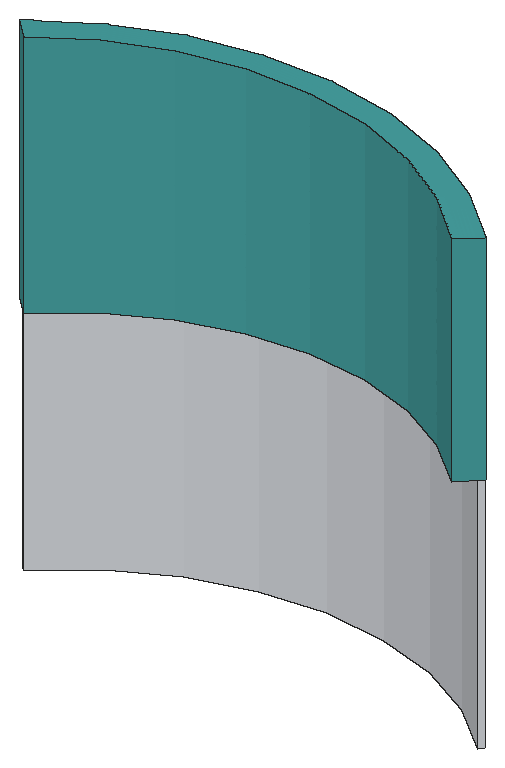
Revit family "EXP_WT-2_CPan-013", category Curtain Panels, Revit 2021
Family settings
  OmniClass Number = 23.25.20.14.11.11.17
  OmniClass Title = Infill Panels
  Always vertical = Yes
  Cut with Voids When Loaded = Yes
  Shared = No
Parameters
  UI-UnitNumber [instance] = "001"
  UI-Quadrant [instance] = "SE"
  UI-ProjectAbbreviation = "NEU"
  UI-ItemCategory = "PID"
  UI-FloorNumber [instance] = "03"
  PNT-WallType = "WT2"
  PNT-ProjectAbbreviation = "NEU"
  PNT-PanelType [instance] = "01"
  PNT-ItemCategory = "PNL"
  GlassSPH2(x2) [instance] = 0' - 2 3/16"
  GlassH2 [instance] = none
  GlassH1 [instance] = IG-2C(Glass)
  Description = "Curve"
  Define Thermal Properties by = Schematic Type
  CellSxH1 [instance] = 7' - 0"
  CellSp = 0' - 10 3/16"
  CellRayIN [instance] = CellRayEX - CellSp  # 9' - 7 13/16"
  CellRayEX = 10' - 6"
  CellLArch [instance] = 16' - 8.49194"
  CellH2 = 7' - 10 3/4"
  CellH [instance] = 18' - 9"
  CellDxH1 [instance] = 8' - 0"
  Analytic Construction = "<None>"
Reference planes (in)
  plane 1 "Center (Front/Back)": y = 0
  plane 2: z = 0
  plane 3 "Center (Left/Right)": x = 0
  plane 4 "Left": x = -90
  plane 5 "Right": x = 90
  plane 6 "Top": z = 225
  plane 7: z = 178.75
  plane 8: z = 190.75
  plane 9: z = 94.75
Forms (in)
  SweptBlend 1, solid, material "IG-2C(Glass)" <- "GlassH1"
    path origin (85.26158, 120, 94.75) x (1, 0, 0) y (0, 1, 0)
      loop
        arc (-175.26158, -120) -> (-85.26158, -82.18163) -> (4.73842, -120) r 126
    profile origin (-90, 0, 94.75) x (-0.714286, 0.699854, 0) y (0, 0, 1)
      loop
        line (0, 96) -> (-10.1875, 96) -> (-10.1875, 0) -> (0, 0) -> (0, 96)
    end profile origin (90, 0, 94.75) x (0.714286, 0.699854, 0) y (0, 0, 1)
      loop
        line (0, 84) -> (-10.1875, 84) -> (-10.1875, 0) -> (0, 0) -> (0, 84)
  SweptBlend 2, solid, material <- "GlassH2", detail levels coarse+medium
    path origin (-90, 0, 0) x (0.699854, 0.714286, 0) y (-0.714286, 0.699854, 0)
      loop
        arc (0, 0) -> (90, -37.81837) -> (125.97376, -128.57143) r 126
    profile origin (-90, 0, 0) x (-0.714286, 0.699854, 0) y (0, 0, 1)
      loop
        line (0, 94.75) -> (-10.1875, 94.75) -> (-10.1875, 0) -> (0, 0) -> (0, 94.75)
    end profile origin (90, 0, 0) x (0.714286, 0.699854, 0) y (0, 0, 1)
      loop
        line (0, 94.75) -> (-10.1875, 94.75) -> (-10.1875, 0) -> (0, 0) -> (0, 94.75)
Lines and regions (in)
  reference lines
    curve 1: line (90, 0, 0) -> (0, -88.18163, 0)
    curve 2: line (-90, 0, 0) -> (0, -88.18163, 0)
    curve 3: line (90, 0, 0) -> (71.26375, 19.12261, 0)
    curve 4: line (-90, 0, 0) -> (-69.61055, 20.8099, 0)
    curve 6: line (90, 0, 178.75) -> (-90, 0, 190.75)
  model lines
    curve 5: arc (-90, 0, 0) -> (0, 37.81837, 0) -> (90, 0, 0) r 126
    curve 7: arc (-90, 0, 94.75) -> (0, 37.81837, 94.75) -> (90, 0, 94.75) r 126
Text (in)
  text "Exterior" at (-92.59733, 55.75508, 0), in view "Ref. Level"
  text "Exterior" at (0, 90.18664, 173.49264), in view "Left"
  text "Exterior" at (0, 52.29083, 162.21847), in view "Right"
Dimensions and locks (in)
  equal spacing: plane 4 "Left", plane 3 "Center (Left/Right)", plane 5 "Right"
  "CellRayEX": curve 2 to curve 2
  "CellRayEX": curve 2 to curve 1
  "CellH": plane 2 to plane 6 "Top"
  "CellH2": plane 2 to plane 9
  "CellSxH1": plane 9 to plane 7
  "CellDxH1": plane 9 to plane 8
  "CellSp": SweptBlend 1 sketch curve to SweptBlend 1 sketch curve  (x2)
  "CellSp": SweptBlend 2 sketch curve to SweptBlend 2 sketch curve  (x2)
  "CellRayEX": radius of curve 5
  radius of curve 7 = 10' - 6"
  locked: curve 2 to curve 4 (angle 90.00°)
  locked: curve 3 to curve 1 (angle 90.00°)
  "CellLArch": arc length of curve 5  (x2)
  aligned and locked: level to plane 2
  aligned and locked: curve 7 to curve 5
  aligned and locked: curve 7 to curve 2
  aligned and locked: curve 7 to curve 1
  aligned and locked: SweptBlend 1 sketch curve to curve 7
  aligned and locked: SweptBlend 1 sketch curve to curve 2
  aligned and locked: SweptBlend 1 sketch curve to curve 1
  aligned and locked: profile plane to SweptBlend 1 sketch curve  (x4)
  aligned and locked: SweptBlend 1 sketch curve to curve 6  (x2)
  aligned and locked: SweptBlend 2 sketch curve to curve 5
  aligned and locked: SweptBlend 2 sketch curve to curve 1
  aligned and locked: SweptBlend 2 sketch curve to curve 2
  aligned and locked: profile plane to SweptBlend 2 sketch curve  (x4)
  aligned and locked: SweptBlend 2 sketch curve to SweptBlend 1  (x2)
  aligned and locked: nested 1 to plane 4 "Left"
  aligned and locked: nested 1 to plane 5 "Right"
  aligned and locked: nested 1 to plane 1 "Center (Front/Back)"
  aligned and locked: plane 9 to nested 1
  aligned and locked: plane 2 to nested 1
Automatic sketch dimensions
  plane 1 "Center (Front/Back)" to curve 5 = 0' - 0"  (x2)
  plane 4 "Left" to curve 6 = 0' - 0"
  plane 5 "Right" to curve 6 = 0' - 0"
  curve 6 to plane 7 = 0' - 0"
  curve 6 to plane 8 = 0' - 0"
  curve 5 to plane 3 "Center (Left/Right)" = 0' - 0"
  curve 5 to plane 4 "Left" = 0' - 0"
  curve 4 to plane 1 "Center (Front/Back)" = 0' - 0"
  curve 4 to plane 4 "Left" = 0' - 0"
  curve 2 to plane 3 "Center (Left/Right)" = 0' - 0"
  plane 1 "Center (Front/Back)" to curve 3 = 0' - 0"
Nested families (in)
  nested 1: "EXP_WT-1x_IG-010" at (0, 0, 47.375), MaterialGlass <- "GlassH2", GlassRayEX <- "CellRayEX", GlassSP <- "GlassSPH2(x2)", type "GlassSP = H2(x2)", detail levels fine
    with MaterialGlass none, GlassSP 0' - 2 3/16", GlassRayIN 10' - 3 13/16", GlassRayEX 10' - 6", GlassL 14' - 10.12598", GlassH 7' - 8.81299", CellL 15' - 0", CellH 7' - 10 3/4"
Definition of nested family "EXP_WT-1x_IG-010"
  Parameters (values of type "GlassSP = H3")
    MaterialGlass [instance] = none
    GlassSP [instance] = 0' - 1.25197"
    GlassRayIN [instance] = GlassRayEX - GlassSP  # 17' - 10.74803"
    GlassRayEX [instance] = 18' - 0"
    GlassL [instance] = CellL - (GlassD1 + GlassD3)  # 3' - 10.94488"
    GlassH [instance] = CellH - (GlassD2 + GlassD4)  # 6' - 6.64788"
    GlassD4 = 0' - 1.43701"
    GlassD3 = 0' - 0.93701"
    GlassD2 = 0' - 0 1/2"
    GlassD1 = 0' - 0.93701"
    GMPI-ProjectAbbreviation = "NEU"
    GMPI-IteamCategory = "GLS"
    Default Elevation = 0' - 0"
    CellL [instance] = 4' - 0.8189"
    CellH [instance] = 6' - 8.58489"
  Types (5): name | GlassH | GlassD4 | GlassD2
    GlassSP = H3 | 6' - 6.64788" | 0' - 1.43701" | 0' - 0 1/2"
    GlassSP = H2(x3) | 6' - 7.83292" | 0' - 0.25197" | 0' - 0 1/2"
    GlassSP = H2(x2) | 6' - 6.64788" | 0' - 1.43701" | 0' - 0 1/2"
    GlassSP = H1 | 6' - 6.89592" | 0' - 0.25197" | 0' - 1.43701"
    GlassSP = H | 6' - 5.71088" | 0' - 1.43701" | 0' - 1.43701"
  Reference planes (in)
    plane 1 "Center (Front/Back)": y = 0
    plane 2: z = 0
    plane 3 "Center (Left/Right)": x = 0
    plane 4: z = 40.29245
    plane 5: z = -40.29245
    plane 6: z = 39.79245
    plane 7: z = -38.85544
    plane 8: x = -24.40945
    plane 9: x = 24.40945
  Forms (in)
    Extrusion 1, solid, material <- "MaterialGlass"
      sketch origin (0, 0, 0) x (1, 0, 0) y (0, 1, 0)
        loop
          line (-23.47821, 0.10387) -> (-23.33673, -1.14009)
          arc (-23.33673, -1.14009) -> (0, 0.13168) -> (23.33673, -1.14009) r 214.74803
          line (23.33673, -1.14009) -> (23.47821, 0.10387)
          arc (23.47821, 0.10387) -> (0, 1.38365) -> (-23.47821, 0.10387) r 216
      from -38.85544 to 39.79245
  Lines and regions (in)
    reference lines
      curve 1: line (-24.40945, 0, 0) -> (0, -214.61635, 0)
      curve 2: line (0, -214.61635, 0) -> (24.40945, 0, 0)
      curve 4: line (-6.33555, -150.62035, 0) -> (18.07389, -365.2367, 0)
      curve 5: line (-18.07389, -365.2367, 0) -> (6.33555, -150.62035, 0)
    model lines, not visible
      curve 3: arc (-24.40945, 0, 0) -> (0, 1.38365, 0) -> (24.40945, 0, 0) r 216
  Dimensions and locks (in)
    equal spacing: plane 4, level, plane 5
    "CellH": plane 4 to plane 5
    "GlassD2": plane 4 to plane 6
    "GlassD4": plane 7 to plane 5
    equal spacing: plane 8, plane 3 "Center (Left/Right)", plane 9
    "GlassRayEX": curve 2 to curve 2
    "GlassRayEX": curve 1 to curve 1
    "GlassD1": curve 1 to curve 4
    "GlassD3": curve 2 to curve 5
    "CellL": plane 8 to plane 9
    "GlassRayEX": radius of curve 3
    "GlassRayIN": radius of Extrusion 1 sketch curve
    aligned and locked: level to plane 2
    aligned and locked: Extrusion 1 sketch curve to curve 3
    aligned and locked: Extrusion 1 sketch curve to curve 4
    aligned and locked: curve 5 to Extrusion 1 sketch curve
    aligned and locked: plane 6 to Extrusion 1
    aligned and locked: Extrusion 1 to plane 7
  Automatic sketch dimensions
    plane 1 "Center (Front/Back)" to curve 3 = 0' - 0"  (x2)
    curve 3 to plane 8 = 0' - 0"
    curve 3 to plane 3 "Center (Left/Right)" = 0' - 0"
    plane 1 "Center (Front/Back)" to curve 1 = 0' - 0"
    curve 1 to plane 8 = 0' - 0"
    curve 2 to plane 3 "Center (Left/Right)" = 0' - 0"
    plane 1 "Center (Front/Back)" to curve 2 = 0' - 0"
    curve 5 to plane 8 = 0' - 6.33555"
    curve 4 to plane 3 "Center (Left/Right)" = 0' - 6.33555"
    plane 3 "Center (Left/Right)" to curve 5 = 0' - 6.33555"
    plane 9 to curve 4 = 0' - 6.33555"
    Extrusion 1 sketch curve to Extrusion 1 sketch curve = 0' - 0"  (x2)
